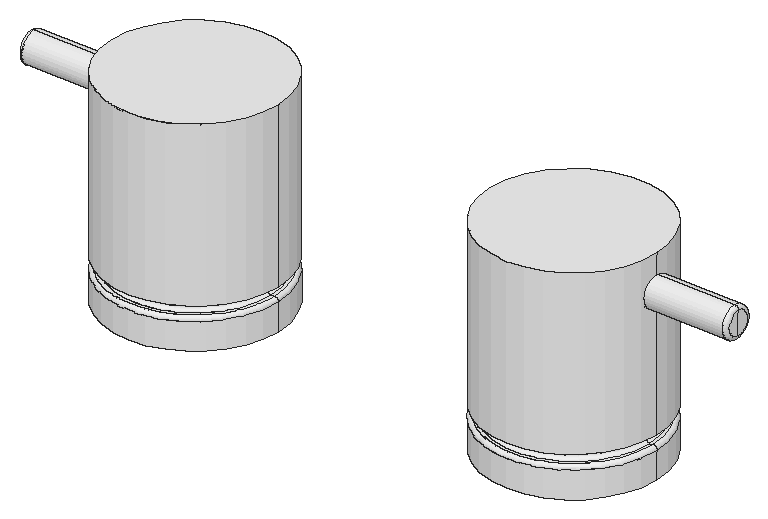
Revit family "Coolibah-contemporary-lever-basin-top-assem-90335C", category Plumbing Fixtures, host Face, Revit 2015
Parameters (values of type "Coolibah-contemporary-lever-basin-top-assem-90335C")
  Waste Connection = no
  Vent Connection = no
  URL = "https://www.caroma.com.au/"
  Model = "90335C"
  Material_Base = GWA_Metal-Chrome
  Manufacturer = "GWA Bathrooms & Kitchens"  # constant formula
  HW Connection = yes
  Description = "Coolibah-contemporary-lever-basin-top-assem"
  Default Elevation = 900 mm
  CreatedBy_ANZRS = "GWA Bathrooms & Kitchens"  # constant formula
  CW Connection = yes
  Assembly Code = "C1030220"
Reference planes
  plane 1 "Center (Front/Back)": y = 0
  plane 2: z = 0
  plane 3 "Center (Left/Right)": x = 0
  plane 4 "Hot Handle": x = 50
  plane 5 "Cold Handle": x = -50
Forms (mm)
  Revolve 1, solid, material "GWA_Metal-Chrome" <- "Material_Base"
    sketch origin (50, 0, -2.5) x (1, 0, 0) y (0, 0, 1)
      loop
        line (-100, 2.5) -> (-100, 13.2) -> (-119, 13.2) -> (-119, 11.5)
        arc (-119, 11.5) -> (-119.293, 10.793) -> (-120, 10.5) r 1
        line (-120, 10.5) -> (-121, 10.5)
        arc (-121, 10.5) -> (-121.707, 10.207) -> (-122, 9.5) r 1
        line (-122, 9.5) -> (-122, 2.5) -> (-100, 2.5)
      axis (-100, 13.2) -> (-100, 2.5)
    angle from 0 to 360
  Extrusion 2, solid, material "GWA_Metal-Chrome" <- "Material_Base"
    sketch origin (50, 0, 0) x (1, 0, 0) y (0, 1, 0)
      loop
        circle (-100, 0) r 22
    from 10.7 to 53.7
  Revolve 3, solid, material "GWA_Metal-Chrome" <- "Material_Base"
    sketch origin (50, 0, 5.11) x (1, 0, 0) y (0, 0, 1)
      loop
        line (-115, 43.59) -> (-142.5, 43.59)
        arc (-142.5, 43.59) -> (-143.207, 43.298) -> (-143.5, 42.59) r 1
        line (-143.5, 42.59) -> (-143.5, 39.59) -> (-115, 39.59) -> (-115, 43.59)
      axis (-115, 39.59) -> (-143.5, 39.59)
    angle from 0 to 360
  Revolve 4, solid, material "GWA_Metal-Chrome" <- "Material_Base"
    sketch origin (-50, 0, -2.5) x (-1, 0, 0) y (0, 0, 1)
      loop
        line (-100, 2.5) -> (-100, 13.2) -> (-119, 13.2) -> (-119, 11.5)
        arc (-119, 11.5) -> (-119.293, 10.793) -> (-120, 10.5) r 1
        line (-120, 10.5) -> (-121, 10.5)
        arc (-121, 10.5) -> (-121.707, 10.207) -> (-122, 9.5) r 1
        line (-122, 9.5) -> (-122, 2.5) -> (-100, 2.5)
      axis (-100, 13.2) -> (-100, 2.5)
    angle from 0 to 360
  Extrusion 5, solid, material "GWA_Metal-Chrome" <- "Material_Base"
    sketch origin (-50, 0, 0) x (-1, 0, 0) y (0, -1, 0)
      loop
        circle (-100, 0) r 22
    from 10.7 to 53.7
  Revolve 6, solid, material "GWA_Metal-Chrome" <- "Material_Base"
    sketch origin (-50, 0, 5.11) x (-1, 0, 0) y (0, 0, 1)
      loop
        line (-115, 43.59) -> (-142.5, 43.59)
        arc (-142.5, 43.59) -> (-143.207, 43.298) -> (-143.5, 42.59) r 1
        line (-143.5, 42.59) -> (-143.5, 39.59) -> (-115, 39.59) -> (-115, 43.59)
      axis (-115, 39.59) -> (-143.5, 39.59)
    angle from 0 to 360
Lines and regions (mm)
  Masking region 1
    outline origin (0, 0, 0) x (1, 0, 0) y (0, 1, 0)
      loop
        arc (-71.633, -4) -> (-28, 0) -> (-71.633, 4) r 22
        line (-71.633, 4) -> (-92.5, 4)
        arc (-92.5, 4) -> (-93.207, 3.707) -> (-93.5, 3) r 1
        line (-93.5, 3) -> (-93.5, -3)
        arc (-93.5, -3) -> (-93.207, -3.707) -> (-92.5, -4) r 1
        line (-92.5, -4) -> (-71.633, -4)
  Masking region 2
    outline origin (0, 0, 0) x (0, 1, 0) y (-1, 0, 0)
      loop
        line (-4, -71.633) -> (-4, -92.5)
        arc (-4, -92.5) -> (-3.707, -93.207) -> (-3, -93.5) r 1
        line (-3, -93.5) -> (3, -93.5)
        arc (3, -93.5) -> (3.707, -93.207) -> (4, -92.5) r 1
        line (4, -92.5) -> (4, -71.633)
        arc (4, -71.633) -> (0, -28) -> (-4, -71.633) r 22
  Masking region 3
    outline origin (0, 0, 0) x (1, 0, 0) y (0, 0, 1)
      loop
        line (-28, 53.7) -> (-72, 53.7) -> (-72, 48.7) -> (-92.5, 48.7)
        arc (-92.5, 48.7) -> (-93.207, 48.407) -> (-93.5, 47.7) r 1
        line (-93.5, 47.7) -> (-93.5, 41.7)
        arc (-93.5, 41.7) -> (-93.207, 40.993) -> (-92.5, 40.7) r 1
        line (-92.5, 40.7) -> (-72, 40.7) -> (-72, 10.7) -> (-69, 10.7) -> (-69, 9)
        arc (-69, 9) -> (-69.293, 8.293) -> (-70, 8) r 1
        line (-70, 8) -> (-71, 8)
        arc (-71, 8) -> (-71.707, 7.707) -> (-72, 7) r 1
        line (-72, 7) -> (-72, 0) -> (-28, 0) -> (-28, 7)
        arc (-28, 7) -> (-28.293, 7.707) -> (-29, 8) r 1
        line (-29, 8) -> (-30, 8)
        arc (-30, 8) -> (-30.707, 8.293) -> (-31, 9) r 1
        line (-31, 9) -> (-31, 10.7) -> (-28, 10.7) -> (-28, 53.7)
  Masking region 4
    outline origin (0, 0, 0) x (-1, 0, 0) y (0, 0, 1)
      loop
        line (-28, 53.7) -> (-72, 53.7) -> (-72, 48.7) -> (-92.5, 48.7)
        arc (-92.5, 48.7) -> (-93.207, 48.407) -> (-93.5, 47.7) r 1
        line (-93.5, 47.7) -> (-93.5, 41.7)
        arc (-93.5, 41.7) -> (-93.207, 40.993) -> (-92.5, 40.7) r 1
        line (-92.5, 40.7) -> (-72, 40.7) -> (-72, 10.7) -> (-69, 10.7) -> (-69, 9)
        arc (-69, 9) -> (-69.293, 8.293) -> (-70, 8) r 1
        line (-70, 8) -> (-71, 8)
        arc (-71, 8) -> (-71.707, 7.707) -> (-72, 7) r 1
        line (-72, 7) -> (-72, 0) -> (-28, 0) -> (-28, 7)
        arc (-28, 7) -> (-28.293, 7.707) -> (-29, 8) r 1
        line (-29, 8) -> (-30, 8)
        arc (-30, 8) -> (-30.707, 8.293) -> (-31, 9) r 1
        line (-31, 9) -> (-31, 10.7) -> (-28, 10.7) -> (-28, 53.7)
  Masking region 5
    outline origin (0, 0, 0) x (0, 1, 0) y (0, 0, 1)
      loop
        line (22, 53.7) -> (-22, 53.7) -> (-22, 10.7) -> (-19, 10.7) -> (-19, 9)
        arc (-19, 9) -> (-19.293, 8.293) -> (-20, 8) r 1
        line (-20, 8) -> (-21, 8)
        arc (-21, 8) -> (-21.707, 7.707) -> (-22, 7) r 1
        line (-22, 7) -> (-22, 0) -> (22, 0) -> (22, 7)
        arc (22, 7) -> (21.707, 7.707) -> (21, 8) r 1
        line (21, 8) -> (20, 8)
        arc (20, 8) -> (19.293, 8.293) -> (19, 9) r 1
        line (19, 9) -> (19, 10.7) -> (22, 10.7) -> (22, 53.7)
  symbolic lines
    curve 1: line (-93.5, -3, 0) -> (-93.5, 3, 0)
    curve 2: line (-71.633, 4, 0) -> (-92.5, 4, 0)
    curve 3: line (-71.633, -4, 0) -> (-92.5, -4, 0)
    curve 4: arc (-93.5, 3, 0) -> (-93.207, 3.707, 0) -> (-92.5, 4, 0) r 1
    curve 5: arc (-93.5, -3, 0) -> (-93.207, -3.707, 0) -> (-92.5, -4, 0) r 1
    curve 6: circle (-50, 0, 0) r 22 normal (0, 0, 1)
    curve 7: line (93.5, -3, 0) -> (93.5, 3, 0)
    curve 8: line (71.633, 4, 0) -> (92.5, 4, 0)
    curve 9: line (71.633, -4, 0) -> (92.5, -4, 0)
    curve 10: arc (93.5, 3, 0) -> (93.207, 3.707, 0) -> (92.5, 4, 0) r 1
    curve 11: arc (93.5, -3, 0) -> (93.207, -3.707, 0) -> (92.5, -4, 0) r 1
    curve 12: circle (50, 0, 0) r 22 normal (0, 0, -1)
    curve 13: line (-72, 0, 53.7) -> (-28, 0, 53.7)
    curve 14: line (-28, 0, 53.7) -> (-28, 0, 10.7)
    curve 15: line (-28, 0, 10.7) -> (-72, 0, 10.7)
    curve 16: line (-72, 0, 10.7) -> (-72, 0, 40.7)
    curve 17: line (-72, 0, 0) -> (-28, 0, 0)
    curve 18: line (-28, 0, 0) -> (-28, 0, 7)
    curve 19: line (-72, 0, 0) -> (-72, 0, 7)
    curve 20: line (-69, 0, 10.7) -> (-69, 0, 9)
    curve 21: line (-31, 0, 10.7) -> (-31, 0, 9)
    curve 22: line (-29, 0, 8) -> (-30, 0, 8)
    curve 23: arc (-29, 0, 8) -> (-28.293, 0, 7.707) -> (-28, 0, 7) r 1
    curve 24: arc (-71, 0, 8) -> (-71.707, 0, 7.707) -> (-72, 0, 7) r 1
    curve 25: line (-70, 0, 8) -> (-71, 0, 8)
    curve 26: arc (-70, 0, 8) -> (-69.293, 0, 8.293) -> (-69, 0, 9) r 1
    curve 27: arc (-31, 0, 9) -> (-30.707, 0, 8.293) -> (-30, 0, 8) r 1
    curve 28: line (-72, 0, 40.7) -> (-92.5, 0, 40.7)
    curve 29: line (-72, 0, 48.7) -> (-92.5, 0, 48.7)
    curve 30: line (-93.5, 0, 47.7) -> (-93.5, 0, 41.7)
    curve 31: arc (-93.5, 0, 47.7) -> (-93.207, 0, 48.407) -> (-92.5, 0, 48.7) r 1
    curve 32: arc (-93.5, 0, 41.7) -> (-93.207, 0, 40.993) -> (-92.5, 0, 40.7) r 1
    curve 33: arc (-72, 0, 48.7) -> (-70.623, 0, 44.7) -> (-72, 0, 40.7) r 6.5
    curve 34: line (-72, 0, 48.7) -> (-72, 0, 53.7)
    curve 35: line (-70, 0, 8) -> (-30, 0, 8)
    curve 36: line (72, 0, 53.7) -> (28, 0, 53.7)
    curve 37: line (28, 0, 53.7) -> (28, 0, 10.7)
    curve 38: line (28, 0, 10.7) -> (72, 0, 10.7)
    curve 39: line (72, 0, 10.7) -> (72, 0, 40.7)
    curve 40: line (72, 0, 0) -> (28, 0, 0)
    curve 41: line (28, 0, 0) -> (28, 0, 7)
    curve 42: line (72, 0, 0) -> (72, 0, 7)
    curve 43: line (69, 0, 10.7) -> (69, 0, 9)
    curve 44: line (31, 0, 10.7) -> (31, 0, 9)
    curve 45: line (29, 0, 8) -> (30, 0, 8)
    curve 46: arc (29, 0, 8) -> (28.293, 0, 7.707) -> (28, 0, 7) r 1
    curve 47: arc (71, 0, 8) -> (71.707, 0, 7.707) -> (72, 0, 7) r 1
    curve 48: line (70, 0, 8) -> (71, 0, 8)
    curve 49: arc (70, 0, 8) -> (69.293, 0, 8.293) -> (69, 0, 9) r 1
    curve 50: arc (31, 0, 9) -> (30.707, 0, 8.293) -> (30, 0, 8) r 1
    curve 51: line (72, 0, 40.7) -> (92.5, 0, 40.7)
    curve 52: line (72, 0, 48.7) -> (92.5, 0, 48.7)
    curve 53: line (93.5, 0, 47.7) -> (93.5, 0, 41.7)
    curve 54: arc (93.5, 0, 47.7) -> (93.207, 0, 48.407) -> (92.5, 0, 48.7) r 1
    curve 55: arc (93.5, 0, 41.7) -> (93.207, 0, 40.993) -> (92.5, 0, 40.7) r 1
    curve 56: arc (72, 0, 48.7) -> (70.623, 0, 44.7) -> (72, 0, 40.7) r 6.5
    curve 57: line (72, 0, 48.7) -> (72, 0, 53.7)
    curve 58: line (70, 0, 8) -> (30, 0, 8)
    curve 59: line (0, -22, 10.7) -> (0, 22, 10.7)
    curve 60: line (0, 19, 53.7) -> (0, -19, 53.7)
    curve 61: circle (0, 0, 44.7) r 4 normal (1, 0, 0)
    curve 62: line (0, -21, 8) -> (0, -20, 8)
    curve 63: line (0, 22, 7) -> (0, 22, 0)
    curve 64: line (0, -22, 7) -> (0, -22, 0)
    curve 65: arc (0, -22, 7) -> (0, -21.707, 7.707) -> (0, -21, 8) r 1
    curve 66: arc (0, 21, 8) -> (0, 21.707, 7.707) -> (0, 22, 7) r 1
    curve 67: line (0, 19, 10.7) -> (0, 19, 9)
    curve 68: line (0, -19, 10.7) -> (0, -19, 9)
    curve 69: line (0, -22, 10.7) -> (0, -22, 53.7)
    curve 70: line (0, 22, 53.7) -> (0, 22, 10.7)
    curve 71: line (0, 20, 8) -> (0, 21, 8)
    curve 72: arc (0, -20, 8) -> (0, -19.293, 8.293) -> (0, -19, 9) r 1
    curve 73: arc (0, 20, 8) -> (0, 19.293, 8.293) -> (0, 19, 9) r 1
    curve 74: line (0, 20, 8) -> (0, -20, 8)
Dimensions and locks
  aligned and locked: plane 2 to host face
  aligned and locked: level to host face
Connectors
  piping at (50, 0, 0), diameter 20
    settings: index 1, connector inside diameter 609.6 mm, connector length 0 mm, flow factor 0, pipe flow 0.0 L/s, pressure drop 0.0 Pa, fitting loss kfactor 0, connector angle 0.00°, fixture units 0, engagement length 0 mm, angle of deflection 0.00°, flow configuration 3, flow direction 1, fitting loss method 0, system type 20, joint type 0, gender type 0, connector reference index -1, connector utility 0, adjustable connector no, is connector primary yes, connector description ""
  piping at (-50, 0, 0), diameter 20
    settings: index 2, connector inside diameter 609.6 mm, connector length 0 mm, flow factor 0, pipe flow 0.0 L/s, pressure drop 0.0 Pa, fitting loss kfactor 0, connector angle 0.00°, fixture units 0, engagement length 0 mm, angle of deflection 0.00°, flow configuration 3, flow direction 1, fitting loss method 0, system type 19, joint type 0, gender type 0, connector reference index -1, connector utility 0, adjustable connector no, is connector primary no, connector description ""
